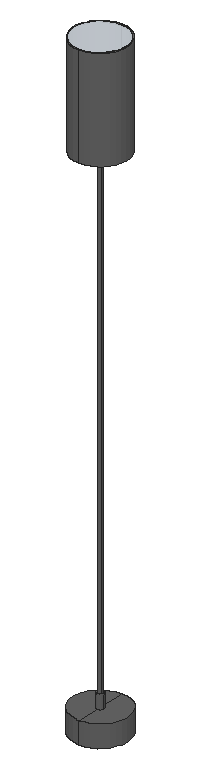
Revit family "LTC-6RDW-CM", category Lighting Fixtures, host Face, Revit 2017
Family settings
  Host = Face
  Round Connector Dimension = Use Diameter
  Part Type = Normal
  OmniClass Number = 23.80.70.11.14.11
  OmniClass Title = Downlights
  Cut with Voids When Loaded = No
  Light Source = Yes
  Shared = No
  Room Calculation Point = No
Parameters (values of type "LTC-6RDW-CMCC")
  Wattage Comments = ""
  Wattage = 70 W
  Warranty = "• 5 year warranty\r\n• See HLI Standard Warranty for\r\nadditional information"  # constant formula
  built-in parameter 1150110 = 1 (stored number, unit not read)
  Voltage = 120 V
  built-in parameter 1114217 = 1 (stored number, unit not read)
  Tilt Angle = -90.00°  # constant formula
  built-in parameter 1150109 = 1 (stored number, unit not read)
  built-in parameter 1150134 = 3
  built-in parameter 1150113 = 1 (stored number, unit not read)
  Photometric Web File = "LTC-6RD-P-20L35K8MD-DM1-S-BL.ies"
  Features = "• 6inch architectural LED downlight and wall wash cylinder delivering 600 - 2500 lm \r\n• 4 beam distributions from 0.3 to 1.1 Spacing Criteria \r\n• Quiet reflector appearance with 50º optical cutoff \r\n• SpectraSync™ Color Tuning technology allows the flexibility to tailor CCT to aesthetic preferences\r\n• Available in Dim To Warm (2200K-3000K) or Tunable White (2700K-5000K or 2700K-6500K), 90+ CRI \r\n• Available in Surface, Wall, Pendant, or Cable/Cord Mount configurations \r\n• Versatile canopy options for recessed and surface-mounted J-box applications \r\n• Standard with 0-10V dimming to 5%\r\n"  # constant formula
  Cord Height = 72.000"
  built-in parameter 1150105 = 389.93 (stored number, unit not read)
  Lumens = 4900 lm
  built-in parameter 1150115 = 1 (stored number, unit not read)
  built-in parameter 1150137 = (empty or 0)
  built-in parameter 1150139 = (empty or 0)
  built-in parameter 1150112 = 1 (stored number, unit not read)
  built-in parameter 1150114 = 1 (stored number, unit not read)
  built-in parameter 1150132 = (empty or 0)
  built-in parameter 1150102 = (empty or 0)
  built-in parameter 1150107 = 3200 (stored number, unit not read)
  built-in parameter 1150138 = (empty or 0)
  built-in parameter 1150106 = 3.8993 (stored number, unit not read)
  Emit from Circle Diameter = 6.000"  # constant formula
  Emit Shape Visible in Rendering = no
  built-in parameter 1150104 = 6.5032 (stored number, unit not read)
  Dimming Lamp Color Temperature Shift = <None>
  Copyright = "© 2021 Prescolite, a division of Hubbell Lighting, Inc"  # constant formula
  Contact us = "https://www.hubbell.com/prescolite/en/contactUs"
  Color Filter = 16777215
  Certifications = "• cCSAus certified to UL 1598\r\n• Wall Mount: Suitable for wet locations\r\n• Surface & Pendant Mount: Suitable for wet\r\nlocations under covered ceiling\r\n• Cord Mount and all Wall Wash: Suitable for\r\ndamp locations"  # constant formula
  Canopy height = 3.000"
  Canopy Diameter = 7.500"
  CM = no
  built-in parameter 1114218 = 1 (stored number, unit not read)
  Ballast = Paint - Hubbell - Carbon Black
  URL = "https://www.hubbell.com/prescolite/en"
  Product Page URL = "https://www.hubbell.com/prescolite/en/Products/Lighting-Controls/Commercial-Indoor-Lighting/Cylinders/LITEISTRY-6-Round-Cylinder-wSpectraSync/p/3775873"
  Product Documentation Link = "https://hubbellcdn.com/specsheet/LTC-6RDW.pdf"
  Model = "LTC-6RDW"  # constant formula
  Manufacturer = "Prescolite"  # constant formula
  Lamp = "LED Lamp"
  Reflector = Glass - Hubbell - Glass
  Description = "LITEISTRY™ 6inch Round Cylinder Downlight with color tuning "  # constant formula
  Default Elevation = 48.000"
  built-in parameter 1150133 = 10 (stored number, unit not read)
  Apparent Load = 72 VA  # constant formula
Types (3): name | Canopy height | Canopy Diameter | CM
  (no name) | 3.000" | 7.500" | no
  LTC-6RDW-CM | 0.350" | 5.600" | yes
  LTC-6RDW-CMCC | 3.000" | 7.500" | no
Reference planes (in)
  plane 1 "Center (Front/Back)": y = 0
  plane 2: z = 0
  plane 3 "Center (Left/Right)": x = 0
  plane 4: z = 72
  plane 5: z = 71.75
  plane 6: x = -1
  plane 7: x = 1
  plane 8: y = -3.75
  plane 9: y = 3.75
  plane 10: z = 3
  plane 11: z = 86
Forms (in)
  Revolve 1, solid, material "Paint - Hubbell - Carbon Black" <- "Ballast"
    sketch origin (0, 0, -5.91673) x (1, 0, 0) y (0, 0, 1)
      loop
        line (-0.5, 8.91673) -> (0, 8.91673) -> (0, 77.91673) -> (-0.38833, 77.91673) -> (-0.38833, 77.66673) -> (-0.25, 77.66673) -> (-0.25, 10.78387) -> (-0.5, 10.78387) -> (-0.5, 8.91673)
      axis (0, 77.91673) -> (0, 8.91673)
    angle from 0 to 360
  Revolve 2, solid, material "Paint - Hubbell - Carbon Black" <- "Ballast"
    sketch origin (0, 0, 0) x (0, 1, 0) y (0, 0, 1)
      loop
        line (0, 0) -> (0, 3) -> (-3.75, 3) -> (-3.75, 0) -> (0, 0)
      axis (0, 3) -> (0, 0)
    angle from 0 to 360
  Extrusion 3, solid, material "Paint - Hubbell - Carbon Black" <- "Ballast", visible <- "CM"
    sketch origin (7.83986, -180, 7.93836) x (-1, 0, 0) y (0, -1, 0)
      loop
        line (8.85023, -182.7) -> (9.86059, -180) -> (8.85023, -177.3) -> (6.8295, -177.3) -> (5.81914, -180) -> (6.8295, -182.7) -> (8.85023, -182.7)
    from -8.75868 to -7.93836
Dimensions and locks (in)
  "Cord Height": plane 4 to host face
  locked: plane 4 to plane 5 at 0.25
  plane 6 to plane 3 "Center (Left/Right)" to plane 7 = 1.000" locked, 1.000" locked
  nested 1 to nested 1 = 7.33984"
  nested 1 to plane 4 = 14.000"
  "Canopy Diameter": plane 9 to plane 8
  equal spacing: plane 9, plane 1 "Center (Front/Back)", plane 8
  "Canopy height": plane 10 to plane 2
  locked: Revolve 1 sketch curve to Revolve 1 sketch curve at 1.86713
  locked: plane 11 to plane 4 at 14
  aligned and locked: plane 2 to host face
  aligned and locked: Revolve 1 sketch curve to plane 4
  aligned and locked: plane 5 to Revolve 1 sketch curve
  aligned and locked: plane 3 "Center (Left/Right)" to nested 1
  aligned and locked: nested 1 to plane 1 "Center (Front/Back)"
  aligned and locked: plane 3 "Center (Left/Right)" to imposter light
  aligned and locked: Revolve 2 sketch curve to plane 10
  aligned and locked: Revolve 2 sketch curve to plane 8
  aligned and locked: Revolve 2 sketch curve to plane 1 "Center (Front/Back)"
  aligned and locked: imposter light to plane 11
Automatic sketch dimensions
  host sketch curve to host sketch curve = 96.000"  (x2)
  Revolve 1 sketch curve to plane 3 "Center (Left/Right)" = 0.000"  (x2)
  Revolve 1 sketch curve to plane 3 "Center (Left/Right)" = 0.250"
  Revolve 1 sketch curve to Revolve 1 sketch curve = 0.13833"
  Revolve 1 sketch curve to Revolve 1 sketch curve = 0.250"
  Revolve 1 sketch curve to level = 13.75728"
  Revolve 1 sketch curve to Revolve 1 sketch curve = 7.74272"
  Revolve 2 sketch curve to plane 1 "Center (Front/Back)" = 0.000"
  Revolve 2 sketch curve to level = 24.000"
  plane 4 to Revolve 2 sketch curve = 20.27586"
  Revolve 2 sketch curve to level = 0.000"
  Revolve 1 sketch curve to plane 10 = 0.000"
  plane 1 "Center (Front/Back)" to Extrusion 3 sketch curve = 0.000"  (x2)
  plane 7 to Extrusion 3 sketch curve = 1.02073"
  plane 7 to Extrusion 3 sketch curve = 0.01036"  (x2)
  Extrusion 3 sketch curve to plane 6 = 0.01036"  (x2)
  Extrusion 3 sketch curve to plane 6 = 1.02073"
  plane 9 to Extrusion 3 sketch curve = 1.050"
  Extrusion 3 sketch curve to plane 8 = 1.050"
Nested families (in)
  nested 1: "LTC" at (0, 0, 72) x (0, 1, 0) z (0, 0, 1), Ballast <- "Ballast", Reflector <- "Reflector", type "6"
    with Reflector Glass - Hubbell - Glass, Ballast Paint - Hubbell - Carbon Black
Connectors (in)
  electrical at (0, 0, 0), driven by "Description", driven by "Voltage", driven by "Apparent Load"
    settings: index 1, voltage 120 V, apparent load 72 VA, apparent load phase1 0 VA, apparent load phase2 0 VA, apparent load phase3 0 VA, power factor 1, load classification "Other", number of poles 1, system type 30, power factor state 1, is connector primary yes, connector utility no, sub classification motor no, connector description "LITEISTRY™ 6inch Round Cylinder Downlight with color tuning "
Definition of nested family "LTC"
  Parameters
    Width = 7.33984"
    Wattage Comments = ""
    Lamp = ""
    Ballast [instance] = none
    URL = ""
    Product Page URL = ""
    Product Documentation Link = ""
    Model = ""
    Manufacturer Phone = ""
    Manufacturer Fax = ""
    Manufacturer = "Prescolite"
    Reflector [instance] = none
    Description = ""
    Default Elevation = 48.000"
  Reference planes (in)
    plane 1 "Center (Front/Back)": y = 0
    plane 2: z = 0
    plane 3 "Center (Left/Right)": x = 0
    plane 4: y = 7.75
    plane 5: y = -7.75
    plane 6: x = -3.66992
    plane 7: x = 3.66992
    plane 8: z = 14
    plane 9: z = 0.125
    plane 10: x = 3.54492
    plane 11: z = 13.875
  Forms (in)
    Extrusion 1, solid
      sketch origin (0, 0, 0) x (1, 0, 0) y (0, 1, 0)
        loop
          line (-48, 48) -> (-48, -48) -> (48, -48) -> (48, 48) -> (-48, 48)
      from 0 to -6
    Extrusion 2, solid, material <- "Reflector"
      sketch origin (0, 0, 30.25) x (1, 0, 0) y (0, 1, 0)
        loop
          circle (0, 0) r 3.54492
      from -16.25 to -16.375
    Revolve 3, solid, material <- "Ballast"
      sketch origin (0, 0, -1.25) x (1, 0, 0) y (0, 0, 1)
        loop
          line (3.66992, 15.25) -> (3.54492, 15.25) -> (3.54492, 1.375) -> (0, 1.375) -> (0, 1.25) -> (3.66992, 1.25) -> (3.66992, 15.25)
        axis (0, 15.25) -> (0, 1.25)
      angle from 0 to 360
  Dimensions and locks (in)
    locked: plane 4 to plane 1 "Center (Front/Back)" at 7.75
    locked: plane 5 to plane 1 "Center (Front/Back)" at 7.75
    "Width": plane 7 to plane 6
    plane 8 to Extrusion 1 = 14.000"
    locked: plane 8 to plane 11 at 0.125
    locked: plane 7 to plane 10 at 0.125
    equal spacing: plane 7, plane 3 "Center (Left/Right)", plane 6
    locked: plane 9 to Extrusion 1 at 0.125
    aligned and locked: plane 2 to Extrusion 1
    aligned and locked: Revolve 3 sketch curve to plane 3 "Center (Left/Right)"
    aligned and locked: plane 8 to Revolve 3 sketch curve
    aligned and locked: plane 9 to Revolve 3 sketch curve
    aligned and locked: Revolve 3 to Extrusion 2
    aligned and locked: Extrusion 2 to plane 11
    aligned and locked: Extrusion 2 sketch curve to Revolve 3
    aligned and locked: Revolve 3 sketch curve to plane 10
    aligned and locked: Revolve 3 sketch curve to plane 7
  Automatic sketch dimensions
    Extrusion 1 sketch curve to Extrusion 1 sketch curve = 96.000"  (x2)
    Revolve 3 sketch curve to plane 3 "Center (Left/Right)" = 0.000"
    Revolve 3 sketch curve to level = 10.000"
    Revolve 3 sketch curve to Revolve 3 sketch curve = 8.000"
    Revolve 3 sketch curve to plane 9 = 0.125"
